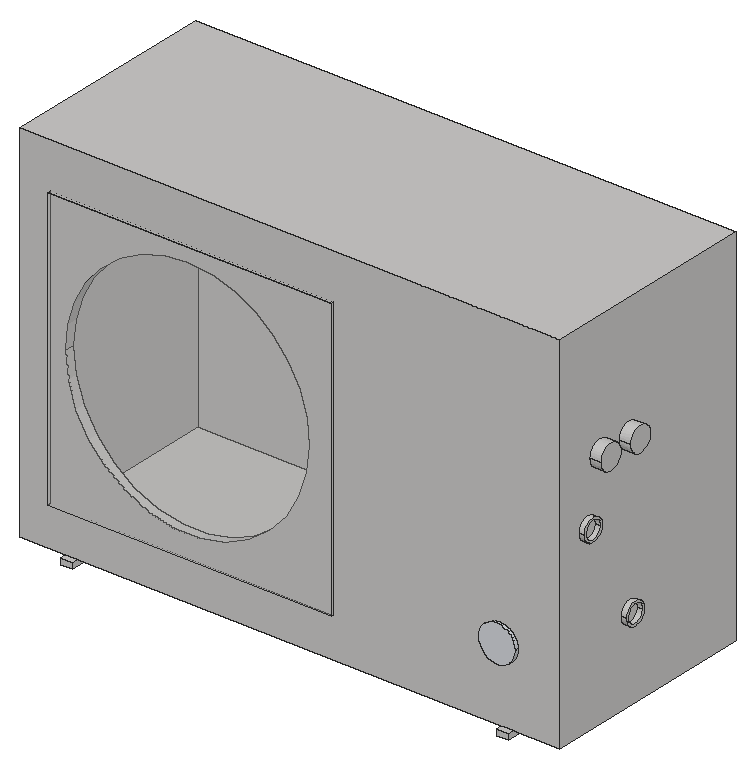
Revit family
Parameters (values of type "GT-SKR010B-07")
  Outlet Radius = Outlet Diameter / 2  # 15 mm
  Inlet Radius = Inlet Diameter / 2  # 15 mm
  Inlet Diameter = 30 mm
  Outlet Diameter = 30 mm
  Width = 360 mm
  URL = "http://www.autospec.co.za/browse.php?id=1644179287"
  Rated Current = 4.5 A
  Net Weight = "48 Kg"
  Model = "Domestic Heat Pump"
  Material = Glavanised Steel
  Manufacturer = "Kwikot"  # constant formula
  Length = 885 mm
  Input Power Rated = 1.0 kW
  Hot Water Output (liters/hr) = "75"
  Height = 600 mm
  Product Code = "GT-SKR010B-07"
  OmniClass Title = ""
  OmniClass Number = ""
  Modspec Classification = ""
  Specification = ""
  Location (revit room) = ""
  Heating Capacity = 3.5 kW
  Water Heater Size (liters) = "100/150"
  Colour = none
  Body Finish = none
  Assembly Code = "D3060100"
Types (4, lengths in mm): name | Rated Current | Net Weight | Input Power Rated | Hot Water Output (liters/hr) | Product Code | Heating Capacity | Water Heater Size (liters)
  (no name) | 4.5 A | "48 Kg" | 1.0 kW | "75" | "GT-SKR010B-07" | 3.5 kW | "100/150"
  GT-SKR010B-07 | 4.5 A | "48 Kg" | 1.0 kW | "75" | "GT-SKR010B-07" | 3.5 kW | "100/150"
  GT-SKR015B-07 | 6 A | "55 Kg" | 1.5 kW | "110" | "GT-SKR015B-07" | 5.5 kW | "200/250"
  GT-SKR020B-07 | 8.6 A | "58 Kg" | 1.85 kW | "150" | "GT-SKR020B-07" | 7 kW | "450"
Reference planes
  plane 1 "Center (Front/Back)": y = 0
  plane 2: z = 0
  plane 3 "Center (Left/Right)": x = 0
  plane 4 "Top": z = 610
  plane 5: x = 885
  plane 6: y = 360
  plane 7: z = 10
Forms (mm)
  Extrusion 1, solid, material "Glavanised Steel" <- "Material"
    sketch origin (-109.558, -1524, 10) x (-1, 0, 0) y (0, -1, 0)
      loop
        line (-109.558, -1524) -> (-994.558, -1524) -> (-994.558, -1884) -> (-109.558, -1884) -> (-109.558, -1524)
    from 0 to 600
  Extrusion 2, void
    sketch origin (0, 0, 0) x (1, 0, 0) y (0, 1, 0)
      loop
        line (15, 345) -> (15, 15) -> (870, 15) -> (870, 345) -> (15, 345)
    from 25 to 585
  Extrusion 3, void
    sketch origin (0, 0, 0) x (-1, 0, 0) y (0, 0, 1)
      loop
        circle (-275, 310) r 200
    from 0 to 15
  Extrusion 4, solid, material "Steel"
    sketch origin (0, 0, 0) x (1, 0, 0) y (0, 0, 1)
      loop
        line (50, 535) -> (50, 75) -> (515, 75) -> (515, 535) -> (50, 535)
    from 0 to 5
  Extrusion 5, solid, material "Glavanised Steel" <- "Material"
    sketch origin (0, 0, 0) x (1, 0, 0) y (0, 1, 0)
      loop
        line (75, -10) -> (95, -10) -> (95, 370) -> (75, 370) -> (75, -10)
      loop
        line (810, -10) -> (810, 370) -> (790, 370) -> (790, -10) -> (810, -10)
    from 0 to 10
  Extrusion 6, solid, material "Glavanised Steel" <- "Material"
    sketch origin (885, -213.898, 1200) x (0, -1, 0) y (0, 0, 1)
      loop
        circle (-293.898, -790) r 20
    from 0 to -20
  Extrusion 7, solid, material "Glavanised Steel" <- "Material"
    sketch origin (885, -143.898, 1200) x (0, -1, 0) y (0, 0, 1)
      loop
        circle (-283.898, -790) r 20
    from 0 to -20
  Extrusion 8, solid, material "Glavanised Steel"
    sketch origin (885, -213.898, 1200) x (0, -1, 0) y (0, 0, 1)
      loop
        circle (-269.762, -890.411) r 15
      loop
        circle (-269.762, -890.411) r 18
    from 0 to -10
  Extrusion 9, solid, material "Glavanised Steel"
    sketch origin (885, -213.898, 1200) x (0, -1, 0) y (0, 0, 1)
      loop
        circle (-356.123, -1050.616) r 15
      loop
        circle (-356.123, -1050.616) r 18
    from 0 to -10
  Extrusion 10, solid
    sketch origin (0, 0, 0) x (1, 0, 0) y (0, 0, 1)
      loop
        circle (786.096, 131.315) r 30
    from 0 to 5
Cuts and joins
  Extrusion 2, Extrusion 3 cuts Extrusion 1
Lines and regions (mm)
  model lines
    curve 1: line (545, 0, 10) -> (545, 0, 610)
    curve 2: line (870, 0, 10) -> (870, 0, 610)
  symbolic lines
    curve 3: line (0, 360, 610) -> (0, 0, 610)
    curve 4: line (885, 360, 610) -> (0, 360, 610)
    curve 5: line (885, 0, 610) -> (885, 360, 610)
    curve 6: line (0, 0, 610) -> (885, 0, 610)
    curve 7: line (905, 70, 610) -> (905, 30, 610)
    curve 8: line (905, 140, 610) -> (905, 100, 610)
    curve 9: line (905, 140, 610) -> (885, 140, 610)
    curve 10: line (905, 100, 610) -> (885, 100, 610)
    curve 11: line (905, 70, 610) -> (885, 70, 610)
    curve 12: line (905, 30, 610) -> (885, 30, 610)
Dimensions and locks
  "Length": plane 3 "Center (Left/Right)" to plane 5
  "Width": plane 6 to plane 1 "Center (Front/Back)"
  plane 4 "Top" to cut or joined group of Extrusion 1, Extrusion 2, Extrusion 3 = 25 mm
  Extrusion 3 sketch curve to plane 3 "Center (Left/Right)" = 275 mm
  plane 4 "Top" to Extrusion 3 sketch curve = 300 mm
  plane 7 to level = 10 mm
  "Height": plane 4 "Top" to plane 7
  plane 1 "Center (Front/Back)" to Extrusion 6 sketch curve = 80 mm
  Extrusion 6 sketch curve to plane 7 = 400 mm
  plane 1 "Center (Front/Back)" to Extrusion 7 sketch curve = 140 mm
  Extrusion 7 sketch curve to plane 7 = 400 mm
  radius of Extrusion 3 sketch curve = 200 mm
  "Outlet Radius": radius of Extrusion 8 sketch curve
  aligned and locked: level to plane 2
  aligned and locked: plane 1 "Center (Front/Back)" to Extrusion 1 sketch curve
  aligned and locked: Extrusion 1 sketch curve to plane 3 "Center (Left/Right)"
  aligned and locked: plane 6 to Extrusion 1 sketch curve
  aligned and locked: Extrusion 1 sketch curve to plane 5
  aligned and locked: plane 4 "Top" to Extrusion 1
  aligned: Extrusion 1 to level
  aligned and locked: Extrusion 3 to Extrusion 2
  aligned and locked: cut or joined group of Extrusion 1, Extrusion 2, Extrusion 3 to plane 7
  aligned and locked: Extrusion 5 sketch curve to Extrusion 5 sketch curve  (x2)
  aligned and locked: curve 3 to cut or joined group of Extrusion 1, Extrusion 2, Extrusion 3
  aligned and locked: curve 4 to cut or joined group of Extrusion 1, Extrusion 2, Extrusion 3
  aligned and locked: curve 5 to cut or joined group of Extrusion 1, Extrusion 2, Extrusion 3
  aligned and locked: curve 6 to cut or joined group of Extrusion 1, Extrusion 2, Extrusion 3
  aligned and locked: curve 7 to Extrusion 6
  aligned and locked: curve 8 to Extrusion 7
Automatic sketch dimensions
  plane 3 "Center (Left/Right)" to Extrusion 2 sketch curve = 15 mm
  plane 5 to Extrusion 2 sketch curve = 15 mm
  Extrusion 2 sketch curve to plane 1 "Center (Front/Back)" = 15 mm
  Extrusion 2 sketch curve to plane 6 = 15 mm
  curve 1 to plane 4 "Top" = 0 mm
  curve 1 to plane 7 = 0 mm
  curve 2 to plane 4 "Top" = 0 mm
  curve 2 to plane 7 = 0 mm
  plane 5 to curve 1 = 340 mm
  plane 5 to curve 2 = 15 mm
  plane 3 "Center (Left/Right)" to Extrusion 4 sketch curve = 50 mm
  plane 7 to Extrusion 4 sketch curve = 65 mm
  plane 5 to Extrusion 4 sketch curve = 370 mm
  Extrusion 4 sketch curve to plane 4 "Top" = 75 mm
  plane 6 to Extrusion 5 sketch curve = 10 mm
  plane 3 "Center (Left/Right)" to Extrusion 5 sketch curve = 75 mm
  Extrusion 5 sketch curve to Extrusion 5 sketch curve = 20 mm  (x2)
  plane 5 to Extrusion 5 sketch curve = 95 mm
  plane 1 "Center (Front/Back)" to Extrusion 5 sketch curve = 10 mm
  plane 1 "Center (Front/Back)" to curve 5 = 0 mm
  curve 12 to plane 5 = 0 mm
  curve 4 to plane 3 "Center (Left/Right)" = 0 mm
  curve 5 to plane 6 = 0 mm
  curve 10 to curve 10 = 20 mm
  curve 11 to curve 11 = 20 mm
  curve 9 to plane 1 "Center (Front/Back)" = 140 mm
  curve 8 to curve 8 = 40 mm
  curve 8 to curve 7 = 30 mm
  curve 12 to plane 1 "Center (Front/Back)" = 30 mm
  Extrusion 8 sketch curve to plane 1 "Center (Front/Back)" = 55.864 mm
  plane 7 to Extrusion 8 sketch curve = 299.589 mm
  Extrusion 8 sketch curve to Extrusion 8 sketch curve = 0 mm  (x2)
  Extrusion 9 sketch curve to plane 1 "Center (Front/Back)" = 142.225 mm
  plane 7 to Extrusion 9 sketch curve = 139.384 mm
  plane 5 to Extrusion 10 sketch curve = 98.904 mm
  plane 7 to Extrusion 10 sketch curve = 121.315 mm
  radius of Extrusion 6 sketch curve = 20 mm
  radius of Extrusion 7 sketch curve = 20 mm
  radius of Extrusion 8 sketch curve = 18 mm
  radius of Extrusion 9 sketch curve = 15 mm
  radius of Extrusion 10 sketch curve = 30 mm
Connectors
  piping at (895, 142.225, 149.384), driven by "Inlet Radius"
    settings: on Extrusion 9, index 1, connector radius 15 mm, flow factor 0, pipe flow 0.0 L/s, pressure drop 0.0 Pa, fitting loss kfactor 0, connector angle 0.00°, fixture units 0, flow configuration 0, flow direction 1, fitting loss method 0, system type 20, connector reference index -1, connector utility 0, adjustable connector no, is connector primary yes, fitting loss table "", connector description "Inlet Pipe Connector"
  piping at (895, 55.864, 309.589), driven by "Outlet Radius"
    settings: on Extrusion 8, index 2, connector radius 15 mm, flow factor 0, pipe flow 0.0 L/s, pressure drop 0.0 Pa, fitting loss kfactor 0, connector angle 0.00°, fixture units 0, flow configuration 0, flow direction 2, fitting loss method 0, system type 19, connector reference index -1, connector utility 0, adjustable connector no, is connector primary no, fitting loss table "", connector description "Outlet Pipe Connector"
  electrical at (905, 140, 410), driven by "Input Power Rated"
    settings: on Extrusion 7, index 3, voltage 0 V, apparent load 0.0 kW, apparent load phase1 1.0 kW, apparent load phase2 0.0 kW, apparent load phase3 0.0 kW, power factor 1, load classification "Other", number of poles 1, system type 31, power factor state 1, is connector primary yes, connector utility no, sub classification motor no, connector description ""
